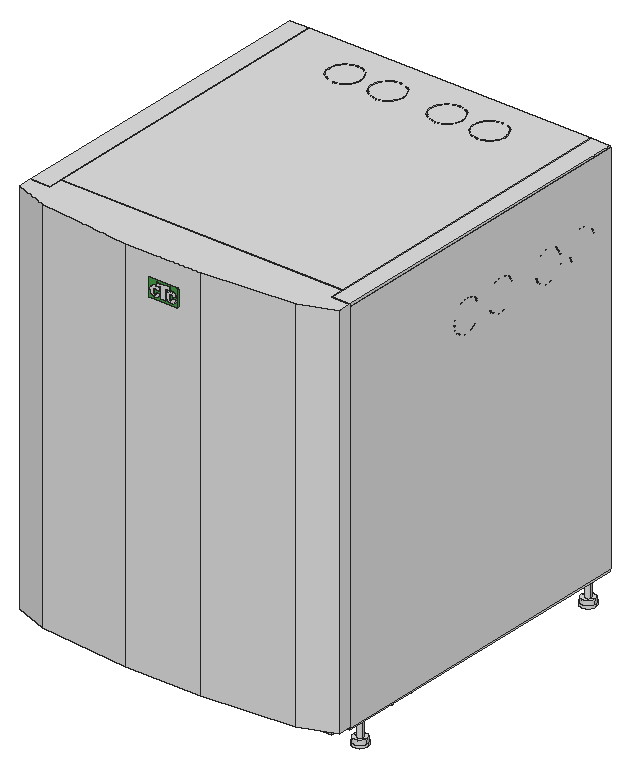
Revit family "HVAC_HeatPumpBW_Enertech_CTC-EcoPart-400", category Specialty Equipment, Revit 2020 (continued)
Automatic sketch dimensions
  curve 42 to curve 43 = 0 mm  (x2)
  curve 42 to curve 44 = 0 mm  (x2)
  curve 42 to curve 45 = 0 mm  (x2)
  curve 42 to curve 46 = 0 mm  (x2)
  curve 42 to curve 47 = 0 mm  (x2)
  curve 43 to curve 44 = 0 mm  (x2)
  curve 43 to curve 45 = 0 mm  (x2)
  curve 43 to curve 46 = 0 mm  (x2)
  curve 43 to curve 47 = 0 mm  (x2)
  curve 44 to curve 45 = 0 mm  (x2)
  curve 44 to curve 46 = 0 mm  (x2)
  curve 44 to curve 47 = 0 mm  (x2)
  curve 45 to curve 46 = 0 mm  (x2)
  curve 45 to curve 47 = 0 mm  (x2)
  curve 46 to curve 47 = 0 mm  (x2)
  curve 56 to curve 57 = 0 mm  (x2)
  curve 56 to curve 58 = 0 mm  (x2)
  curve 56 to curve 59 = 0 mm  (x2)
  curve 56 to curve 60 = 0 mm  (x2)
  curve 56 to curve 61 = 0 mm  (x2)
  curve 56 to curve 62 = 0 mm  (x2)
  curve 56 to curve 63 = 0 mm  (x2)
  curve 57 to curve 58 = 0 mm  (x2)
  curve 57 to curve 59 = 0 mm  (x2)
  curve 57 to curve 60 = 0 mm  (x2)
  curve 57 to curve 61 = 0 mm  (x2)
  curve 57 to curve 62 = 0 mm  (x2)
  curve 57 to curve 63 = 0 mm  (x2)
  curve 58 to curve 59 = 0 mm  (x2)
  curve 58 to curve 60 = 0 mm  (x2)
  curve 58 to curve 61 = 0 mm  (x2)
  curve 58 to curve 62 = 0 mm  (x2)
  curve 58 to curve 63 = 0 mm  (x2)
  curve 59 to curve 60 = 0 mm  (x2)
  curve 59 to curve 61 = 0 mm  (x2)
  curve 59 to curve 62 = 0 mm  (x2)
  curve 59 to curve 63 = 0 mm  (x2)
  curve 60 to curve 61 = 0 mm  (x2)
  curve 60 to curve 62 = 0 mm  (x2)
  curve 60 to curve 63 = 0 mm  (x2)
  curve 61 to curve 62 = 0 mm  (x2)
  curve 61 to curve 63 = 0 mm  (x2)
  curve 62 to curve 63 = 0 mm  (x2)
  curve 72 to curve 73 = 0 mm  (x2)
  curve 72 to curve 74 = 0 mm  (x2)
  curve 72 to curve 75 = 0 mm  (x2)
  curve 72 to curve 76 = 0 mm  (x2)
  curve 72 to curve 77 = 0 mm  (x2)
  curve 72 to curve 78 = 0 mm  (x2)
  curve 72 to curve 79 = 0 mm  (x2)
  curve 73 to curve 74 = 0 mm  (x2)
  curve 73 to curve 75 = 0 mm  (x2)
  curve 73 to curve 76 = 0 mm  (x2)
  curve 73 to curve 77 = 0 mm  (x2)
  curve 73 to curve 78 = 0 mm  (x2)
  curve 73 to curve 79 = 0 mm  (x2)
  curve 74 to curve 75 = 0 mm  (x2)
  curve 74 to curve 76 = 0 mm  (x2)
  curve 74 to curve 77 = 0 mm  (x2)
  curve 74 to curve 78 = 0 mm  (x2)
  curve 74 to curve 79 = 0 mm  (x2)
  curve 75 to curve 76 = 0 mm  (x2)
  curve 75 to curve 77 = 0 mm  (x2)
  curve 75 to curve 78 = 0 mm  (x2)
  curve 75 to curve 79 = 0 mm  (x2)
  curve 76 to curve 77 = 0 mm  (x2)
  curve 76 to curve 78 = 0 mm  (x2)
  curve 76 to curve 79 = 0 mm  (x2)
  curve 77 to curve 78 = 0 mm  (x2)
  curve 77 to curve 79 = 0 mm  (x2)
  curve 78 to curve 79 = 0 mm  (x2)
  curve 314 to plane 7 = 0 mm
  curve 2 to plane 5 = 0 mm
  curve 6 to plane 5 = 0 mm
  curve 15 to plane 8 = 0 mm
  plane 7 to curve 2 = 3.5 mm
  curve 1 to curve 2 = 28 mm
  curve 17 to curve 17 = 35 mm
  plane 6 to curve 12 = 14.527 mm
  curve 17 to curve 12 = 26.736 mm
  curve 18 to curve 34 = 99.541 mm
  curve 35 to curve 30 = 0 mm
  curve 24 to curve 35 = 2.001 mm
  curve 34 to curve 25 = 0 mm
  curve 31 to curve 33 = 27.466 mm
  curve 35 to curve 36 = 27.466 mm
  curve 25 to curve 30 = 1 mm
  curve 33 to curve 32 = 2 mm
  curve 24 to curve 37 = 2 mm
  curve 24 to curve 38 = 28.466 mm
  curve 39 to curve 38 = 0 mm
  curve 29 to curve 39 = 2.001 mm
  curve 38 to curve 39 = 0 mm
  curve 39 to curve 50 = 19.066 mm
  curve 51 to curve 50 = 0 mm  (x2)
  curve 46 to curve 50 = 2.001 mm
  plane 6 to curve 12 = 0.5 mm
  curve 12 to plane 3 "Center (Left/Right)" = 57.083 mm
  curve 51 to curve 52 = 27.466 mm
  curve 47 to curve 49 = 27.466 mm
  curve 47 to curve 45 = 28.466 mm
  curve 46 to curve 48 = 2 mm
  curve 41 to curve 53 = 2 mm
  curve 54 to plane 3 "Center (Left/Right)" = 26.526 mm
  curve 55 to curve 54 = 0 mm
  curve 55 to curve 55 = 2.001 mm
  curve 54 to curve 44 = 0 mm
  plane 3 "Center (Left/Right)" to curve 86 = 24.525 mm
  curve 87 to curve 75 = 0 mm
  curve 75 to curve 86 = 2.001 mm
  curve 87 to curve 74 = 0 mm
  curve 86 to curve 85 = 27.466 mm
  curve 77 to curve 80 = 27.466 mm
  curve 77 to curve 73 = 28.466 mm
  curve 77 to curve 81 = 2 mm
  curve 74 to curve 84 = 2 mm
  plane 3 "Center (Left/Right)" to curve 13 = 57.083 mm
  curve 72 to curve 83 = 28.466 mm
  curve 82 to curve 73 = 0 mm
  curve 79 to curve 82 = 2.001 mm
  curve 83 to curve 78 = 0 mm
  curve 78 to curve 71 = 19.066 mm
  curve 70 to curve 71 = 0 mm
  curve 59 to curve 70 = 2.001 mm
  curve 71 to curve 70 = 0 mm
  curve 61 to curve 64 = 27.466 mm
  curve 58 to curve 69 = 27.466 mm
  curve 61 to curve 59 = 28.466 mm
  curve 58 to curve 68 = 2 mm
  curve 61 to curve 65 = 2 mm
  curve 56 to curve 66 = 28.466 mm
  curve 67 to curve 63 = 0 mm
  curve 57 to curve 67 = 2.001 mm
  curve 66 to curve 56 = 0 mm
  plane 6 to curve 14 = 14.527 mm
  curve 14 to plane 8 = 61.736 mm
  curve 21 to plane 8 = 35 mm
  curve 21 to curve 6 = 3.5 mm
  curve 7 to curve 7 = 3.5 mm
  plane 6 to curve 314 = 0.5 mm
  curve 312 to curve 14 = 38.564 mm
  curve 313 to curve 10 = 38.564 mm
  curve 10 to curve 18 = 24.922 mm
  curve 14 to curve 22 = 24.922 mm
  curve 80 to plane 5 = 109.917 mm
  curve 48 to curve 80 = 0 mm
  curve 76 to curve 81 = 0 mm
  curve 32 to curve 48 = 0 mm
  curve 33 to curve 28 = 0 mm
  curve 78 to curve 65 = 0 mm
  curve 64 to curve 65 = 0 mm
  curve 49 to curve 48 = 0 mm
  curve 46 to curve 49 = 2.001 mm
  curve 60 to curve 64 = 2.001 mm
  curve 78 to curve 81 = 2.001 mm
  curve 30 to curve 33 = 2.001 mm
  curve 87 to curve 86 = 2 mm
  curve 45 to curve 54 = 2 mm
  curve 71 to curve 70 = 2 mm
  curve 50 to curve 51 = 2 mm
  curve 79 to curve 83 = 2 mm
  curve 63 to curve 67 = 2 mm
  curve 39 to curve 38 = 2 mm
  curve 30 to curve 35 = 2 mm
  curve 10 to plane 5 = 4 mm
  curve 21 to curve 23 = 26 mm
  curve 208 to curve 212 = 0 mm  (x2)
  curve 214 to curve 215 = 0 mm  (x2)
  curve 217 to curve 218 = 0 mm  (x2)
  curve 221 to curve 222 = 0 mm  (x2)
  curve 227 to curve 231 = 0 mm  (x2)
  curve 233 to curve 234 = 0 mm  (x2)
  curve 236 to curve 237 = 0 mm  (x2)
  curve 240 to curve 241 = 0 mm  (x2)
  curve 248 to curve 249 = 0 mm  (x2)
  curve 248 to curve 250 = 0 mm  (x2)
  curve 248 to curve 251 = 0 mm  (x2)
  curve 248 to curve 252 = 0 mm  (x2)
  curve 248 to curve 253 = 0 mm  (x2)
  curve 248 to curve 254 = 0 mm  (x2)
  curve 248 to curve 255 = 0 mm  (x2)
  curve 249 to curve 250 = 0 mm  (x2)
  curve 249 to curve 251 = 0 mm  (x2)
  curve 249 to curve 252 = 0 mm  (x2)
  curve 249 to curve 253 = 0 mm  (x2)
  curve 249 to curve 254 = 0 mm  (x2)
  curve 249 to curve 255 = 0 mm  (x2)
  curve 250 to curve 251 = 0 mm  (x2)
  curve 250 to curve 252 = 0 mm  (x2)
  curve 250 to curve 253 = 0 mm  (x2)
  curve 250 to curve 254 = 0 mm  (x2)
  curve 250 to curve 255 = 0 mm  (x2)
  curve 251 to curve 252 = 0 mm  (x2)
  curve 251 to curve 253 = 0 mm  (x2)
  curve 251 to curve 254 = 0 mm  (x2)
  curve 251 to curve 255 = 0 mm  (x2)
  curve 252 to curve 253 = 0 mm  (x2)
  curve 252 to curve 254 = 0 mm  (x2)
  curve 252 to curve 255 = 0 mm  (x2)
  curve 253 to curve 254 = 0 mm  (x2)
  curve 253 to curve 255 = 0 mm  (x2)
  curve 254 to curve 255 = 0 mm  (x2)
  curve 264 to curve 265 = 0 mm  (x2)
  curve 264 to curve 266 = 0 mm  (x2)
  curve 264 to curve 267 = 0 mm  (x2)
  curve 264 to curve 268 = 0 mm  (x2)
  curve 264 to curve 269 = 0 mm  (x2)
  curve 264 to curve 270 = 0 mm  (x2)
  curve 264 to curve 271 = 0 mm  (x2)
  curve 265 to curve 266 = 0 mm  (x2)
  curve 265 to curve 267 = 0 mm  (x2)
  curve 265 to curve 268 = 0 mm  (x2)
  curve 265 to curve 269 = 0 mm  (x2)
  curve 265 to curve 270 = 0 mm  (x2)
  curve 265 to curve 271 = 0 mm  (x2)
  curve 266 to curve 267 = 0 mm  (x2)
  curve 266 to curve 268 = 0 mm  (x2)
  curve 266 to curve 269 = 0 mm  (x2)
  curve 266 to curve 270 = 0 mm  (x2)
  curve 266 to curve 271 = 0 mm  (x2)
  curve 267 to curve 268 = 0 mm  (x2)
  curve 267 to curve 269 = 0 mm  (x2)
  curve 267 to curve 270 = 0 mm  (x2)
  curve 267 to curve 271 = 0 mm  (x2)
  curve 268 to curve 269 = 0 mm  (x2)
  curve 268 to curve 270 = 0 mm  (x2)
  curve 268 to curve 271 = 0 mm  (x2)
  curve 269 to curve 270 = 0 mm  (x2)
  curve 269 to curve 271 = 0 mm  (x2)
  curve 270 to curve 271 = 0 mm  (x2)
  curve 280 to curve 281 = 0 mm  (x2)
  curve 280 to curve 282 = 0 mm  (x2)
  curve 280 to curve 283 = 0 mm  (x2)
  curve 280 to curve 284 = 0 mm  (x2)
  curve 280 to curve 285 = 0 mm  (x2)
  curve 280 to curve 286 = 0 mm  (x2)
  curve 280 to curve 287 = 0 mm  (x2)
  curve 281 to curve 282 = 0 mm  (x2)
  curve 281 to curve 283 = 0 mm  (x2)
  curve 281 to curve 284 = 0 mm  (x2)
  curve 281 to curve 285 = 0 mm  (x2)
  curve 281 to curve 286 = 0 mm  (x2)
  curve 281 to curve 287 = 0 mm  (x2)
  curve 282 to curve 283 = 0 mm  (x2)
  curve 282 to curve 284 = 0 mm  (x2)
  curve 282 to curve 285 = 0 mm  (x2)
  curve 282 to curve 286 = 0 mm  (x2)
  curve 282 to curve 287 = 0 mm  (x2)
  curve 283 to curve 284 = 0 mm  (x2)
  curve 283 to curve 285 = 0 mm  (x2)
  curve 283 to curve 286 = 0 mm  (x2)
  curve 283 to curve 287 = 0 mm  (x2)
  curve 284 to curve 285 = 0 mm  (x2)
  curve 284 to curve 286 = 0 mm  (x2)
  curve 284 to curve 287 = 0 mm  (x2)
  curve 285 to curve 286 = 0 mm  (x2)
  curve 285 to curve 287 = 0 mm  (x2)
  curve 286 to curve 287 = 0 mm  (x2)
  curve 296 to curve 297 = 0 mm  (x2)
  curve 296 to curve 298 = 0 mm  (x2)
  curve 296 to curve 299 = 0 mm  (x2)
  curve 296 to curve 300 = 0 mm  (x2)
  curve 296 to curve 301 = 0 mm  (x2)
  curve 296 to curve 302 = 0 mm  (x2)
  curve 296 to curve 303 = 0 mm  (x2)
  curve 297 to curve 298 = 0 mm  (x2)
  curve 297 to curve 299 = 0 mm  (x2)
  curve 297 to curve 300 = 0 mm  (x2)
  curve 297 to curve 301 = 0 mm  (x2)
  curve 297 to curve 302 = 0 mm  (x2)
  curve 297 to curve 303 = 0 mm  (x2)
  curve 298 to curve 299 = 0 mm  (x2)
  curve 298 to curve 300 = 0 mm  (x2)
  curve 298 to curve 301 = 0 mm  (x2)
  curve 298 to curve 302 = 0 mm  (x2)
  curve 298 to curve 303 = 0 mm  (x2)
  curve 299 to curve 300 = 0 mm  (x2)
  curve 299 to curve 301 = 0 mm  (x2)
  curve 299 to curve 302 = 0 mm  (x2)
  curve 299 to curve 303 = 0 mm  (x2)
  curve 300 to curve 301 = 0 mm  (x2)
  curve 300 to curve 302 = 0 mm  (x2)
  curve 300 to curve 303 = 0 mm  (x2)
  curve 301 to curve 302 = 0 mm  (x2)
  curve 301 to curve 303 = 0 mm  (x2)
  curve 302 to curve 303 = 0 mm  (x2)
  curve 316 to plane 4 = 0 mm
  curve 316 to level = 0 mm
  curve 181 to level = 0 mm
  curve 168 to level = 0 mm
  curve 193 to plane 5 = 0 mm
  curve 195 to plane 5 = 4 mm
  level to curve 166 = 4 mm
  curve 166 to plane 5 = 21.73 mm
  curve 164 to curve 166 = 2 mm
  curve 164 to curve 164 = 7.375 mm
  curve 258 to plane 5 = 40.049 mm
  curve 259 to curve 254 = 0 mm
  curve 175 to curve 162 = 10 mm
  curve 258 to curve 254 = 2.001 mm
  curve 259 to curve 255 = 0 mm
  curve 170 to curve 172 = 7.375 mm
  curve 169 to curve 170 = 2 mm
  curve 262 to curve 249 = 27.466 mm
  curve 256 to curve 258 = 27.466 mm
  curve 249 to curve 256 = 1 mm
  curve 263 to curve 248 = 2 mm
  curve 257 to curve 254 = 2 mm
  curve 260 to curve 248 = 28.466 mm
  curve 261 to curve 250 = 0 mm
  curve 260 to curve 250 = 2.001 mm
  curve 261 to curve 251 = 0 mm
  curve 275 to curve 260 = 19.066 mm
  curve 274 to curve 264 = 0 mm
  curve 275 to curve 264 = 2.001 mm
  curve 274 to curve 265 = 0 mm
  level to curve 242 = 24.995 mm
  curve 242 to curve 169 = 81.281 mm
  level to curve 243 = 26.409 mm
  curve 243 to curve 242 = 1.414 mm
  level to curve 242 = 16.828 mm
  level to curve 243 = 18.242 mm
  curve 241 to curve 240 = 1.414 mm
  level to curve 239 = 18.242 mm
  level to curve 238 = 16.828 mm
  curve 278 to curve 265 = 27.466 mm
  curve 272 to curve 271 = 27.466 mm
  curve 268 to curve 272 = 1 mm
  curve 273 to curve 270 = 2 mm
  curve 279 to curve 265 = 2 mm
  level to curve 239 = 26.828 mm
  curve 239 to curve 240 = 8.587 mm
  level to curve 238 = 25.414 mm
  curve 238 to curve 239 = 1.414 mm
  curve 235 to curve 238 = 1.414 mm
  curve 234 to curve 236 = 18.343 mm
  level to curve 226 = 25.414 mm
  curve 226 to curve 234 = 1.414 mm
  level to curve 232 = 26.828 mm
  curve 276 to curve 264 = 28.466 mm
  curve 277 to curve 276 = 0 mm
  curve 277 to curve 268 = 2.001 mm
  curve 276 to curve 277 = 0 mm
  level to curve 226 = 16.828 mm
  curve 226 to curve 234 = 8.587 mm
  level to curve 232 = 18.242 mm
  curve 232 to curve 226 = 1.414 mm
  curve 227 to curve 232 = 1.414 mm
  level to curve 230 = 18.242 mm
  level to curve 228 = 16.828 mm
  level to curve 230 = 26.409 mm
  curve 230 to curve 230 = 8.167 mm
  curve 290 to curve 269 = 49.049 mm
  curve 291 to curve 286 = 0 mm
  curve 290 to curve 286 = 2.001 mm
  curve 291 to curve 287 = 0 mm
  curve 288 to curve 287 = 27.466 mm
  curve 294 to curve 281 = 27.466 mm
  curve 286 to curve 288 = 1 mm
  curve 289 to curve 286 = 2 mm
  curve 295 to curve 294 = 2 mm
  curve 293 to curve 280 = 28.466 mm
  curve 292 to curve 284 = 0 mm
  curve 293 to curve 284 = 2.001 mm
  curve 292 to curve 285 = 0 mm
  curve 306 to curve 293 = 19.066 mm
  curve 307 to curve 302 = 0 mm
  curve 306 to curve 302 = 2.001 mm
  curve 307 to curve 303 = 0 mm
  plane 1 "Center (Front/Back)" to curve 304 = 3 mm
  plane 1 "Center (Front/Back)" to curve 310 = 3 mm
  plane 1 "Center (Front/Back)" to curve 297 = 4 mm
  curve 305 to curve 304 = 2 mm
  curve 311 to curve 310 = 2 mm
  curve 309 to curve 296 = 28.466 mm
  curve 308 to curve 309 = 0 mm
  curve 309 to curve 309 = 2.001 mm
  curve 308 to curve 301 = 0 mm
  plane 1 "Center (Front/Back)" to curve 225 = 75.261 mm
  level to curve 224 = 26.409 mm
  curve 224 to curve 223 = 1.414 mm
  level to curve 223 = 16.828 mm
  curve 223 to curve 223 = 8.167 mm
  level to curve 224 = 18.242 mm
  curve 221 to curve 221 = 1.414 mm
  level to curve 220 = 18.242 mm
  level to curve 219 = 16.828 mm
  level to curve 220 = 26.828 mm
  curve 220 to curve 220 = 8.587 mm
  level to curve 219 = 25.414 mm
  curve 219 to curve 217 = 1.414 mm
  curve 216 to curve 219 = 1.414 mm
  curve 214 to curve 217 = 18.343 mm
  level to curve 207 = 25.414 mm
  curve 207 to curve 215 = 1.414 mm
  level to curve 213 = 26.828 mm
  level to curve 207 = 16.828 mm
  curve 207 to curve 215 = 8.587 mm
  level to curve 213 = 18.242 mm
  curve 213 to curve 208 = 1.414 mm
  curve 212 to curve 213 = 1.414 mm
  level to curve 211 = 18.242 mm
  level to curve 209 = 16.828 mm
  level to curve 211 = 26.409 mm
  curve 211 to curve 211 = 8.167 mm
  curve 179 to curve 209 = 72.511 mm
  curve 177 to curve 178 = 2 mm
  curve 176 to curve 176 = 7.375 mm
  curve 184 to curve 174 = 10 mm
  curve 184 to curve 184 = 7.375 mm
  curve 180 to curve 182 = 2 mm
  curve 188 to curve 204 = 39.375 mm
  plane 6 to curve 190 = 0.5 mm
  curve 180 to curve 182 = 4 mm
  curve 177 to curve 176 = 8 mm
  curve 165 to curve 162 = 8 mm
  curve 240 to curve 241 = 1.414 mm
  curve 232 to curve 227 = 1.414 mm
  curve 213 to curve 212 = 1.414 mm
  curve 220 to curve 221 = 1.414 mm
  curve 218 to curve 218 = 1.414 mm
  level to curve 186 = 28 mm
  curve 164 to curve 195 = 16 mm
  level to curve 189 = 52.5 mm
  curve 273 to plane 4 = 167.467 mm
  curve 305 to plane 4 = 167.467 mm
  curve 305 to curve 304 = 0 mm
  curve 273 to curve 256 = 0 mm
  curve 273 to curve 272 = 0 mm
  curve 257 to curve 254 = 0 mm
  curve 302 to curve 289 = 0 mm
  curve 289 to curve 288 = 0 mm
  curve 273 to curve 273 = 2.001 mm
  curve 288 to curve 288 = 2.001 mm
  curve 257 to curve 257 = 2.001 mm
  curve 304 to curve 304 = 2.001 mm
  curve 255 to curve 259 = 2 mm
  curve 302 to curve 307 = 2 mm
  curve 301 to curve 308 = 2 mm
  curve 277 to curve 276 = 2 mm
  curve 270 to curve 275 = 2 mm
  curve 253 to curve 260 = 2 mm
  curve 284 to curve 292 = 2 mm
  curve 287 to curve 291 = 2 mm
  curve 194 to curve 190 = 47 mm
  curve 193 to plane 4 = 19 mm
  curve 315 to plane 5 = 4 mm
  curve 246 to curve 187 = 24.922 mm
  curve 188 to curve 247 = 13.835 mm
  curve 162 to curve 199 = 19.518 mm
  curve 128 to plane 7 = 0 mm
  curve 95 to level = 0 mm
  curve 127 to plane 4 = 0 mm
  curve 115 to level = 0 mm
  curve 123 to plane 8 = 0 mm
  plane 7 to curve 95 = 6.125 mm
  plane 7 to curve 92 = 8.125 mm
  curve 89 to curve 91 = 15.5 mm
  curve 90 to curve 101 = 10 mm
  level to curve 99 = 4 mm
  curve 100 to curve 99 = 7.375 mm
  curve 98 to curve 98 = 2 mm
  curve 99 to curve 104 = 4.125 mm
  curve 103 to curve 104 = 7.5 mm
  curve 135 to plane 3 "Center (Left/Right)" = 27.5 mm
  curve 135 to curve 136 = 2 mm
  curve 134 to curve 134 = 2 mm
  curve 139 to plane 3 "Center (Left/Right)" = 11.835 mm
  curve 139 to curve 142 = 0.137 mm
  curve 138 to curve 140 = 0.268 mm
  curve 139 to plane 3 "Center (Left/Right)" = 5.46 mm
  curve 137 to curve 140 = 0.087 mm
  curve 147 to plane 3 "Center (Left/Right)" = 3.818 mm
  curve 148 to plane 3 "Center (Left/Right)" = 3.81 mm
  plane 3 "Center (Left/Right)" to curve 146 = 3.815 mm
  curve 145 to curve 144 = 7.883 mm
  curve 144 to curve 151 = 6.467 mm
  curve 150 to curve 152 = 0.268 mm
  curve 150 to curve 151 = 6.375 mm
  curve 149 to curve 152 = 0.087 mm
  curve 152 to curve 132 = 0.873 mm
  curve 143 to curve 129 = 13.802 mm
  curve 130 to curve 131 = 2 mm
  level to curve 106 = 15.656 mm
  curve 106 to plane 8 = 44.5 mm
  curve 107 to curve 109 = 7.5 mm
  curve 106 to curve 115 = 9.625 mm
  curve 114 to curve 158 = 2 mm
  curve 109 to curve 110 = 11.5 mm
  curve 110 to curve 156 = 10 mm
  level to curve 118 = 4 mm
  curve 118 to plane 8 = 8.125 mm
  curve 118 to curve 117 = 2 mm
  curve 93 to curve 154 = 8 mm
  curve 118 to curve 121 = 8 mm
  curve 105 to curve 159 = 12.344 mm
  curve 103 to curve 102 = 19.518 mm
  curve 108 to curve 121 = 19.518 mm
  curve 133 to plane 4 = 73.482 mm
  curve 134 to curve 147 = 1.88 mm
  curve 147 to curve 140 = 7.647 mm
  curve 132 to curve 152 = 9.527 mm
  curve 137 to curve 139 = 4.452 mm
  curve 149 to curve 151 = 4.452 mm
  curve 139 to curve 141 = 7.839 mm
  curve 141 to curve 147 = 0.008 mm
  curve 141 to curve 145 = 0.006 mm
  curve 145 to curve 144 = 0.006 mm
  curve 141 to curve 143 = 5.341 mm
  curve 142 to curve 136 = 1.841 mm
  curve 102 to curve 127 = 27.22 mm
  curve 126 to plane 3 "Center (Left/Right)" = 70 mm
  curve 138 to curve 140 = 3.241 mm
  curve 138 to curve 137 = 0.004 mm
  curve 150 to curve 152 = 3.241 mm
  curve 150 to curve 149 = 0.004 mm
  curve 130 to curve 125 = 42.5 mm
  curve 124 to plane 8 = 64.22 mm
  curve 161 to curve 107 = 3.005 mm
  curve 161 to curve 160 = 1.414 mm
  curve 102 to curve 127 = 5 mm
  curve 149 to curve 152 = 7.6 mm
  curve 137 to curve 140 = 7.6 mm
  curve 137 to curve 138 = 3.801 mm
  curve 149 to curve 150 = 3.801 mm
  plane 7 to Extrusion 1 sketch curve = 2 mm
  Extrusion 1 sketch curve to Extrusion 1 sketch curve = 35 mm
  plane 6 to Extrusion 1 sketch curve = 14.335 mm  (x2)
  Extrusion 1 sketch curve to Extrusion 1 sketch curve = 27.22 mm
  plane 6 to Extrusion 1 sketch curve = 1.5 mm
  Extrusion 1 sketch curve to plane 3 "Center (Left/Right)" = 70 mm
  plane 3 "Center (Left/Right)" to Extrusion 1 sketch curve = 70 mm
  Extrusion 1 sketch curve to plane 8 = 64.22 mm
  Extrusion 1 sketch curve to plane 8 = 37 mm
  Extrusion 1 sketch curve to plane 8 = 2 mm
  plane 6 to Extrusion 1 sketch curve = 39.064 mm  (x2)
  Extrusion 1 sketch curve to Extrusion 1 sketch curve = 24.922 mm  (x2)
  Extrusion 1 sketch curve to Extrusion 1 sketch curve = 26 mm
  plane 7 to Extrusion 2 sketch curve = 37 mm
  Extrusion 2 sketch curve to Extrusion 2 sketch curve = 2 mm  (x4)
  Extrusion 2 sketch curve to plane 5 = 6 mm
  Extrusion 2 sketch curve to plane 8 = 39 mm
  plane 6 to Extrusion 2 sketch curve = 91.986 mm
  plane 7 to Extrusion 3 sketch curve = 37 mm
  Extrusion 3 sketch curve to plane 8 = 37 mm
  plane 6 to Extrusion 3 sketch curve = 89.986 mm
  Extrusion 3 sketch curve to plane 5 = 4 mm
  Extrusion 4 sketch curve to plane 7 = 0 mm
  Extrusion 4 sketch curve to plane 8 = 0 mm
  plane 7 to Extrusion 4 sketch curve = 2 mm
  Extrusion 4 sketch curve to Extrusion 4 sketch curve = 31 mm
  Extrusion 4 sketch curve to Extrusion 4 sketch curve = 2 mm  (x6)
  Extrusion 4 sketch curve to Extrusion 4 sketch curve = 35 mm
  Extrusion 4 sketch curve to plane 8 = 2 mm
  plane 6 to Extrusion 4 sketch curve = 63.986 mm  (x2)
  Extrusion 4 sketch curve to plane 5 = 6 mm  (x2)
  plane 7 to Extrusion 5 sketch curve = 2 mm
  Extrusion 5 sketch curve to plane 5 = 4 mm  (x2)
  Extrusion 5 sketch curve to Extrusion 5 sketch curve = 35 mm
  Extrusion 5 sketch curve to plane 8 = 37 mm
  Extrusion 5 sketch curve to plane 8 = 2 mm
  plane 6 to Extrusion 5 sketch curve = 63.986 mm  (x2)
  plane 7 to Extrusion 6 sketch curve = 2 mm
  plane 7 to Extrusion 6 sketch curve = 37 mm
  Extrusion 6 sketch curve to plane 8 = 37 mm
  Extrusion 6 sketch curve to plane 8 = 2 mm
  level to Extrusion 6 sketch curve = 28 mm
  Extrusion 6 sketch curve to Extrusion 6 sketch curve = 19.518 mm  (x2)
  Extrusion 6 sketch curve to Extrusion 6 sketch curve = 5 mm
  Extrusion 7 sketch curve to Extrusion 7 sketch curve = 0 mm  (x246)
  plane 7 to Extrusion 7 sketch curve = 134.541 mm
  Extrusion 7 sketch curve to Extrusion 7 sketch curve = 2.001 mm  (x12)
  Extrusion 7 sketch curve to Extrusion 7 sketch curve = 27.466 mm  (x8)
  Extrusion 7 sketch curve to Extrusion 7 sketch curve = 28.466 mm  (x5)
  Extrusion 7 sketch curve to Extrusion 7 sketch curve = 2 mm  (x16)
  Extrusion 7 sketch curve to Extrusion 7 sketch curve = 19.066 mm  (x2)
  Extrusion 7 sketch curve to plane 3 "Center (Left/Right)" = 26.526 mm
  plane 3 "Center (Left/Right)" to Extrusion 7 sketch curve = 24.525 mm
  Extrusion 7 sketch curve to Extrusion 7 sketch curve = 1 mm  (x2)
  Extrusion 7 sketch curve to plane 5 = 109.917 mm  (x2)
  Extrusion 8 sketch curve to Extrusion 8 sketch curve = 0 mm  (x246)
  plane 1 "Center (Front/Back)" to Extrusion 8 sketch curve = 34.467 mm
  Extrusion 8 sketch curve to Extrusion 8 sketch curve = 2.001 mm  (x12)
  plane 1 "Center (Front/Back)" to Extrusion 8 sketch curve = 5 mm  (x2)
  plane 1 "Center (Front/Back)" to Extrusion 8 sketch curve = 4 mm
  Extrusion 8 sketch curve to Extrusion 8 sketch curve = 2 mm  (x16)
  Extrusion 8 sketch curve to plane 1 "Center (Front/Back)" = 24.466 mm
  Extrusion 8 sketch curve to Extrusion 8 sketch curve = 19.066 mm  (x2)
  Extrusion 8 sketch curve to Extrusion 8 sketch curve = 27.466 mm  (x6)
  Extrusion 8 sketch curve to Extrusion 8 sketch curve = 1 mm
  Extrusion 8 sketch curve to Extrusion 8 sketch curve = 28.466 mm  (x5)
  Extrusion 8 sketch curve to Extrusion 8 sketch curve = 49.049 mm
  Extrusion 8 sketch curve to plane 4 = 167.467 mm  (x2)
  Extrusion 9 sketch curve to Extrusion 9 sketch curve = 0 mm  (x246)
  plane 7 to Extrusion 9 sketch curve = 134.533 mm
  Extrusion 9 sketch curve to Extrusion 9 sketch curve = 2.001 mm  (x12)
  Extrusion 9 sketch curve to Extrusion 9 sketch curve = 27.466 mm  (x8)
  Extrusion 9 sketch curve to Extrusion 9 sketch curve = 1 mm  (x2)
  Extrusion 9 sketch curve to Extrusion 9 sketch curve = 2 mm  (x16)
  Extrusion 9 sketch curve to Extrusion 9 sketch curve = 28.466 mm  (x5)
  Extrusion 9 sketch curve to Extrusion 9 sketch curve = 19.066 mm  (x2)
  Extrusion 9 sketch curve to plane 3 "Center (Left/Right)" = 26.534 mm
  plane 3 "Center (Left/Right)" to Extrusion 9 sketch curve = 24.516 mm
  Extrusion 9 sketch curve to plane 4 = 167.767 mm  (x2)
  Extrusion 10 sketch curve to Extrusion 10 sketch curve = 0 mm  (x4)
  plane 7 to Extrusion 10 sketch curve = 17.5 mm
  Extrusion 10 sketch curve to plane 8 = 17.5 mm
  Extrusion 10 sketch curve to plane 4 = 33 mm  (x2)
  Extrusion 11 sketch curve to Extrusion 11 sketch curve = 0 mm  (x16)
  level to Extrusion 11 sketch curve = 24.995 mm  (x2)
  plane 1 "Center (Front/Back)" to Extrusion 11 sketch curve = 141.253 mm
  level to Extrusion 11 sketch curve = 26.409 mm  (x4)
  Extrusion 11 sketch curve to Extrusion 11 sketch curve = 1.414 mm  (x20)
  level to Extrusion 11 sketch curve = 16.828 mm  (x8)
  level to Extrusion 11 sketch curve = 18.242 mm  (x8)
  level to Extrusion 11 sketch curve = 26.828 mm  (x4)
  Extrusion 11 sketch curve to Extrusion 11 sketch curve = 8.587 mm  (x4)
  level to Extrusion 11 sketch curve = 25.414 mm  (x4)
  Extrusion 11 sketch curve to Extrusion 11 sketch curve = 18.343 mm  (x2)
  Extrusion 11 sketch curve to Extrusion 11 sketch curve = 8.167 mm  (x2)
  Extrusion 11 sketch curve to plane 1 "Center (Front/Back)" = 138.747 mm
  Revolve 12 sketch curve to level = 0 mm  (x2)
  plane 7 to Revolve 12 sketch curve = 18.5 mm
  Revolve 12 sketch curve to Revolve 12 sketch curve = 12.375 mm
  Revolve 12 sketch curve to Revolve 12 sketch curve = 2 mm
  Revolve 12 sketch curve to Revolve 12 sketch curve = 4 mm
  Revolve 12 sketch curve to Revolve 12 sketch curve = 8 mm
  Revolve 12 sketch curve to Revolve 12 sketch curve = 0 mm  (x2)
  Revolve 13 sketch curve to level = 0 mm  (x2)
  plane 8 to Revolve 13 sketch curve = 18.5 mm
  Revolve 13 sketch curve to Revolve 13 sketch curve = 12.375 mm
  Revolve 13 sketch curve to Revolve 13 sketch curve = 2 mm
  Revolve 13 sketch curve to Revolve 13 sketch curve = 4 mm
  Revolve 13 sketch curve to Revolve 13 sketch curve = 8 mm
  Revolve 13 sketch curve to Revolve 13 sketch curve = 0 mm  (x2)
  Revolve 14 sketch curve to level = 0 mm  (x2)
  plane 7 to Revolve 14 sketch curve = 18.5 mm
  Revolve 14 sketch curve to Revolve 14 sketch curve = 12.375 mm
  Revolve 14 sketch curve to Revolve 14 sketch curve = 2 mm
  Revolve 14 sketch curve to Revolve 14 sketch curve = 4 mm
  Revolve 14 sketch curve to Revolve 14 sketch curve = 8 mm
  Revolve 14 sketch curve to Revolve 14 sketch curve = 0 mm  (x2)
  Revolve 15 sketch curve to level = 0 mm  (x2)
  plane 8 to Revolve 15 sketch curve = 18.5 mm
  Revolve 15 sketch curve to Revolve 15 sketch curve = 12.375 mm
  Revolve 15 sketch curve to Revolve 15 sketch curve = 2 mm
  Revolve 15 sketch curve to Revolve 15 sketch curve = 4 mm
  Revolve 15 sketch curve to Revolve 15 sketch curve = 8 mm
  Revolve 15 sketch curve to Revolve 15 sketch curve = 0 mm  (x2)
  plane 7 to Extrusion 16 sketch curve = 18.5 mm  (x2)
  Extrusion 16 sketch curve to plane 8 = 18.5 mm  (x2)
  plane 6 to Extrusion 16 sketch curve = 108.361 mm  (x2)
  Extrusion 16 sketch curve to plane 5 = 32.605 mm  (x2)
  Extrusion 17 sketch curve to plane 3 "Center (Left/Right)" = 27.5 mm
  Extrusion 17 sketch curve to Extrusion 17 sketch curve = 2 mm  (x3)
  plane 3 "Center (Left/Right)" to Extrusion 17 sketch curve = 25.5 mm  (x2)
  Extrusion 17 sketch curve to plane 4 = 73.482 mm
  Extrusion 17 sketch curve to Extrusion 17 sketch curve = 29 mm
  Extrusion 18 sketch curve to plane 3 "Center (Left/Right)" = 11.835 mm
  Extrusion 18 sketch curve to Extrusion 18 sketch curve = 0.137 mm
  Extrusion 18 sketch curve to Extrusion 18 sketch curve = 0.268 mm  (x2)
  Extrusion 18 sketch curve to plane 3 "Center (Left/Right)" = 5.46 mm
  Extrusion 18 sketch curve to Extrusion 18 sketch curve = 0.087 mm  (x2)
  Extrusion 18 sketch curve to plane 3 "Center (Left/Right)" = 3.818 mm
  Extrusion 18 sketch curve to plane 3 "Center (Left/Right)" = 3.81 mm
  plane 3 "Center (Left/Right)" to Extrusion 18 sketch curve = 3.815 mm
  Extrusion 18 sketch curve to Extrusion 18 sketch curve = 7.883 mm
  Extrusion 18 sketch curve to Extrusion 18 sketch curve = 6.467 mm
  Extrusion 18 sketch curve to Extrusion 18 sketch curve = 6.375 mm
  Extrusion 18 sketch curve to plane 4 = 69.602 mm
  Extrusion 18 sketch curve to Extrusion 18 sketch curve = 7.647 mm  (x2)
  Extrusion 18 sketch curve to Extrusion 18 sketch curve = 4.452 mm  (x2)
  Extrusion 18 sketch curve to Extrusion 18 sketch curve = 7.839 mm
  Extrusion 18 sketch curve to Extrusion 18 sketch curve = 0.008 mm
  Extrusion 18 sketch curve to Extrusion 18 sketch curve = 0.006 mm  (x2)
  Extrusion 18 sketch curve to Extrusion 18 sketch curve = 5.32 mm
  Extrusion 18 sketch curve to Extrusion 18 sketch curve = 2.969 mm
  Extrusion 18 sketch curve to Extrusion 18 sketch curve = 0.004 mm  (x2)
  Extrusion 18 sketch curve to Extrusion 18 sketch curve = 3.241 mm
  Extrusion 18 sketch curve to Extrusion 18 sketch curve = 7.6 mm  (x2)
  Extrusion 18 sketch curve to Extrusion 18 sketch curve = 3.801 mm  (x2)
  Extrusion 19 sketch curve to plane 5 = 0 mm
  Extrusion 19 sketch curve to plane 7 = 0 mm
  Extrusion 19 sketch curve to plane 8 = 0 mm
  plane 6 to Extrusion 19 sketch curve = 0.5 mm
  Extrusion 20 sketch curve to plane 3 "Center (Left/Right)" = 134.992 mm
  Extrusion 20 sketch curve to plane 3 "Center (Left/Right)" = 54.992 mm
  plane 3 "Center (Left/Right)" to Extrusion 20 sketch curve = 54.992 mm
  Extrusion 20 sketch curve to Extrusion 20 sketch curve = 80 mm
  Extrusion 20 sketch curve to plane 5 = 79.45 mm  (x4)
  Extrusion 21 sketch curve to plane 3 "Center (Left/Right)" = 135 mm
  Extrusion 21 sketch curve to plane 3 "Center (Left/Right)" = 55 mm
  plane 3 "Center (Left/Right)" to Extrusion 21 sketch curve = 54.984 mm
  Extrusion 21 sketch curve to Extrusion 21 sketch curve = 80 mm
  Extrusion 21 sketch curve to plane 4 = 137.3 mm
  Extrusion 21 sketch curve to Extrusion 21 sketch curve = 0 mm  (x3)
  plane 1 "Center (Front/Back)" to Extrusion 22 sketch curve = 4 mm
  Extrusion 22 sketch curve to plane 1 "Center (Front/Back)" = 76 mm
  Extrusion 22 sketch curve to Extrusion 22 sketch curve = 109.984 mm
  Extrusion 22 sketch curve to plane 5 = 70.516 mm
  Extrusion 22 sketch curve to plane 4 = 137 mm
  Extrusion 22 sketch curve to Extrusion 22 sketch curve = 0 mm  (x3)
  plane 1 "Center (Front/Back)" to Extrusion 23 sketch curve = 4 mm
  Extrusion 23 sketch curve to plane 1 "Center (Front/Back)" = 76 mm
  Extrusion 23 sketch curve to Extrusion 23 sketch curve = 109.984 mm
  Extrusion 23 sketch curve to plane 5 = 70.516 mm
  Extrusion 23 sketch curve to plane 4 = 137 mm
  Extrusion 23 sketch curve to Extrusion 23 sketch curve = 0 mm  (x3)
  radius of Extrusion 10 sketch curve = 14 mm  (x2)
  radius of Extrusion 10 sketch curve = 12.4 mm  (x2)
  radius of Extrusion 16 sketch curve = 5 mm  (x4)
  radius of Extrusion 20 sketch curve = 28.484 mm  (x4)
  radius of Extrusion 21 sketch curve = 28.484 mm  (x4)
  radius of Extrusion 22 sketch curve = 28.484 mm  (x4)
  radius of Extrusion 23 sketch curve = 28.484 mm  (x4)
Connectors
  electrical at (-282.5, 336.5, 727), driven by "NumberOfPoles"
    settings: on Extrusion 10, index 1, voltage 0 V, apparent load 0 VA, apparent load phase1 0 VA, apparent load phase2 0 VA, apparent load phase3 0 VA, power factor 1, load classification "Other", number of poles 1, system type 31, power factor state 1, is connector primary yes, connector utility no, sub classification motor no, connector description ""
  piping at (-134.992, 257.05, 757), diameter 28
    settings: on Extrusion 20, index 2, connector inside diameter 609.6 mm, connector length 0 mm, flow factor 0, pipe flow 0.0 L/s, pressure drop 0.0 Pa, fitting loss kfactor 0, connector angle 0.00°, fixture units 0, engagement length 0 mm, angle of deflection 0.00°, flow configuration 0, flow direction 1, fitting loss method 0, system type 19, joint type 0, gender type 0, connector reference index -1, connector utility 0, adjustable connector no, is connector primary yes, connector description ""
  piping at (-54.992, 257.05, 757), diameter 28
    settings: on Extrusion 20, index 3, connector inside diameter 609.6 mm, connector length 0 mm, flow factor 0, pipe flow 0.0 L/s, pressure drop 0.0 Pa, fitting loss kfactor 0, connector angle 0.00°, fixture units 0, engagement length 0 mm, angle of deflection 0.00°, flow configuration 0, flow direction 2, fitting loss method 0, system type 19, joint type 0, gender type 0, connector reference index -1, connector utility 0, adjustable connector no, is connector primary no, connector description ""
  piping at (54.992, 257.05, 757), diameter 28
    settings: on Extrusion 20, index 4, connector inside diameter 609.6 mm, connector length 0 mm, flow factor 0, pipe flow 0.0 L/s, pressure drop 0.0 Pa, fitting loss kfactor 0, connector angle 0.00°, fixture units 0, engagement length 0 mm, angle of deflection 0.00°, flow configuration 0, flow direction 2, fitting loss method 0, system type 22, joint type 0, gender type 0, connector reference index -1, connector utility 0, adjustable connector no, is connector primary no, connector description ""
  piping at (134.992, 257.05, 757), diameter 28
    settings: on Extrusion 20, index 5, connector inside diameter 609.6 mm, connector length 0 mm, flow factor 0, pipe flow 0.0 L/s, pressure drop 0.0 Pa, fitting loss kfactor 0, connector angle 0.00°, fixture units 0, engagement length 0 mm, angle of deflection 0.00°, flow configuration 0, flow direction 1, fitting loss method 0, system type 22, joint type 0, gender type 0, connector reference index -1, connector utility 0, adjustable connector no, is connector primary no, connector description ""
  piping at (134.984, 330.5, 622.7), diameter 28
    settings: on Extrusion 21, index 6, connector inside diameter 609.6 mm, connector length 0 mm, flow factor 0, pipe flow 0.0 L/s, pressure drop 0.0 Pa, fitting loss kfactor 0, connector angle 0.00°, fixture units 0, engagement length 0 mm, angle of deflection 0.00°, flow configuration 0, flow direction 1, fitting loss method 0, system type 22, joint type 0, gender type 0, connector reference index -1, connector utility 0, adjustable connector no, is connector primary no, connector description ""
  piping at (54.984, 330.5, 622.7), diameter 28
    settings: on Extrusion 21, index 7, connector inside diameter 609.6 mm, connector length 0 mm, flow factor 0, pipe flow 0.0 L/s, pressure drop 0.0 Pa, fitting loss kfactor 0, connector angle 0.00°, fixture units 0, engagement length 0 mm, angle of deflection 0.00°, flow configuration 0, flow direction 2, fitting loss method 0, system type 22, joint type 0, gender type 0, connector reference index -1, connector utility 0, adjustable connector no, is connector primary no, connector description ""
  piping at (-55, 330.5, 622.7), diameter 28
    settings: on Extrusion 21, index 8, connector inside diameter 609.6 mm, connector length 0 mm, flow factor 0, pipe flow 0.0 L/s, pressure drop 0.0 Pa, fitting loss kfactor 0, connector angle 0.00°, fixture units 0, engagement length 0 mm, angle of deflection 0.00°, flow configuration 0, flow direction 2, fitting loss method 0, system type 19, joint type 0, gender type 0, connector reference index -1, connector utility 0, adjustable connector no, is connector primary no, connector description ""
  piping at (-135, 330.5, 622.7), diameter 28
    settings: on Extrusion 21, index 9, connector inside diameter 609.6 mm, connector length 0 mm, flow factor 0, pipe flow 0.0 L/s, pressure drop 0.0 Pa, fitting loss kfactor 0, connector angle 0.00°, fixture units 0, engagement length 0 mm, angle of deflection 0.00°, flow configuration 0, flow direction 1, fitting loss method 0, system type 19, joint type 0, gender type 0, connector reference index -1, connector utility 0, adjustable connector no, is connector primary no, connector description ""
  piping at (-298, 265.984, 623), diameter 28
    settings: on Extrusion 22, index 10, connector inside diameter 609.6 mm, connector length 0 mm, flow factor 0, pipe flow 0.0 L/s, pressure drop 0.0 Pa, fitting loss kfactor 0, connector angle 0.00°, fixture units 0, engagement length 0 mm, angle of deflection 0.00°, flow configuration 0, flow direction 1, fitting loss method 0, system type 19, joint type 0, gender type 0, connector reference index -1, connector utility 0, adjustable connector no, is connector primary no, connector description ""
  piping at (-298, 185.984, 623), diameter 28
    settings: on Extrusion 22, index 11, connector inside diameter 609.6 mm, connector length 0 mm, flow factor 0, pipe flow 0.0 L/s, pressure drop 0.0 Pa, fitting loss kfactor 0, connector angle 0.00°, fixture units 0, engagement length 0 mm, angle of deflection 0.00°, flow configuration 0, flow direction 2, fitting loss method 0, system type 19, joint type 0, gender type 0, connector reference index -1, connector utility 0, adjustable connector no, is connector primary no, connector description ""
  piping at (-298, 76, 623), diameter 28
    settings: on Extrusion 22, index 12, connector inside diameter 609.6 mm, connector length 0 mm, flow factor 0, pipe flow 0.0 L/s, pressure drop 0.0 Pa, fitting loss kfactor 0, connector angle 0.00°, fixture units 0, engagement length 0 mm, angle of deflection 0.00°, flow configuration 0, flow direction 2, fitting loss method 0, system type 22, joint type 0, gender type 0, connector reference index -1, connector utility 0, adjustable connector no, is connector primary no, connector description ""
  piping at (-298, -4, 623), diameter 28
    settings: on Extrusion 22, index 13, connector inside diameter 609.6 mm, connector length 0 mm, flow factor 0, pipe flow 0.0 L/s, pressure drop 0.0 Pa, fitting loss kfactor 0, connector angle 0.00°, fixture units 0, engagement length 0 mm, angle of deflection 0.00°, flow configuration 0, flow direction 1, fitting loss method 0, system type 22, joint type 0, gender type 0, connector reference index -1, connector utility 0, adjustable connector no, is connector primary no, connector description ""
  piping at (298, -4, 623), diameter 28
    settings: on Extrusion 23, index 14, connector inside diameter 609.6 mm, connector length 0 mm, flow factor 0, pipe flow 0.0 L/s, pressure drop 0.0 Pa, fitting loss kfactor 0, connector angle 0.00°, fixture units 0, engagement length 0 mm, angle of deflection 0.00°, flow configuration 0, flow direction 1, fitting loss method 0, system type 22, joint type 0, gender type 0, connector reference index -1, connector utility 0, adjustable connector no, is connector primary no, connector description ""
  piping at (298, 76, 623), diameter 28
    settings: on Extrusion 23, index 15, connector inside diameter 609.6 mm, connector length 0 mm, flow factor 0, pipe flow 0.0 L/s, pressure drop 0.0 Pa, fitting loss kfactor 0, connector angle 0.00°, fixture units 0, engagement length 0 mm, angle of deflection 0.00°, flow configuration 0, flow direction 2, fitting loss method 0, system type 22, joint type 0, gender type 0, connector reference index -1, connector utility 0, adjustable connector no, is connector primary no, connector description ""
  piping at (298, 185.984, 623), diameter 28
    settings: on Extrusion 23, index 16, connector inside diameter 609.6 mm, connector length 0 mm, flow factor 0, pipe flow 0.0 L/s, pressure drop 0.0 Pa, fitting loss kfactor 0, connector angle 0.00°, fixture units 0, engagement length 0 mm, angle of deflection 0.00°, flow configuration 0, flow direction 2, fitting loss method 0, system type 19, joint type 0, gender type 0, connector reference index -1, connector utility 0, adjustable connector no, is connector primary no, connector description ""
  piping at (298, 265.984, 623), diameter 28
    settings: on Extrusion 23, index 17, connector inside diameter 609.6 mm, connector length 0 mm, flow factor 0, pipe flow 0.0 L/s, pressure drop 0.0 Pa, fitting loss kfactor 0, connector angle 0.00°, fixture units 0, engagement length 0 mm, angle of deflection 0.00°, flow configuration 0, flow direction 1, fitting loss method 0, system type 19, joint type 0, gender type 0, connector reference index -1, connector utility 0, adjustable connector no, is connector primary no, connector description ""
Types (11, lengths in mm): name | Weight | WaterVolumeHeathingSystem | SpecifiedOutput_max: W35 & B 5 | SpecifiedOutput_max: W35 & B 10 | SpecifiedOutput_max: W35 & B 0 | SoundPowerLWA | Sound pressureLPA 1m | SCOPWarm W55 | SCOPWarm W35 | SCOPModerate W55 | SCOPModerate W35 | SCOPCold W55 | SCOPCold W35 | RefrigerantQuantity | RatedVoltage | RatedHeatOutputWarm Pdesigh W55 | RatedHeatOutputWarm Pdesigh W35 | RatedHeatOutputModerate Pdesigh W55 | RatedHeatOutputModerate Pdesigh W35 | RatedHeatOutputCold Pdesigh W55 | RatedHeatOutputCold Pdesigh W35 | RatedCurrent | NumberOfPoles | NominalVoltage | ModelNumber | MaxStartingCurrent | Model | KvsValueProduct | InPutPower_max: W35 & B 5 | InPutPower_max: W35 & B 10 | InPutPower_max: W35 & B 0 | GroupFuse | EnergyClassHeatingWithoutControl W35 | EANNumber | COP_max: W35 & B 5 | COP_max: W35 & B 10 | COP_max: W35 & B 0 | CO2Equivalent
  CTC EcoPart 406 - 400V3N | "148" | "2.3 " | 6810 W | 7210 W | 5900 W | "43" | "38" | " 3.4" | "4.6 " | "3.5" | "4.7 " | "3.5" | "4.8 " | "1.9 " | 1200 V | 6000 W | 6000 W | 6000 W | 7000 W | 6000 W | 6000 W | 5.8 A | 3 | 400 V | "585700001" | "16.6 " | "CTC EcoPart 406" | "3.4" | 1300 W | 1390 W | 1290 W | "10" | "A+++" | "7333077000448" | 5.24 W | 5.2 W | 4.57 W | "3.370 "
  CTC EcoPart 408 - 400V3N | "145" | "2.9 " | 9440 W | 10650 W | 8190 W | "46" | "41" | " 3.6" | "4.6 " | "3.6" | "4.7 " | "3.7" | "4.8 " | "1.9 " | 1200 V | 8000 W | 9000 W | 9000 W | 9000 W | 9000 W | 9000 W | 6.5 A | 3 | 400 V | "585700002" | "17.7 " | "CTC EcoPart 408" | "4.1" | 1880 W | 1930 W | 1790 W | "10" | "A+++" | "7333077000455" | 5.02 W | 5.53 W | 4.58 W | "3.370 "
  CTC EcoPart 410 - 400V3N | "151" | "2.9 " | 11420 W | 12490 W | 9970 W | "49" | "44" | " 3.6" | "4.7 " | "3.7" | "4.7 " | "3.7" | "4.8 " | "1.9 " | 1200 V | 10000 W | 11000 W | 11000 W | 11000 W | 10000 W | 11000 W | 8.1 A | 3 | 400 V | "585700003" | "19.8 " | "CTC EcoPart 410" | "5" | 2200 W | 2290 W | 2170 W | "10" | "A+++" | "7333077000462" | 5.2 W | 5.45 W | 4.6 W | "3.370 "
  CTC EcoPart 412 - 400V3N | "165" | "3.4 " | 13530 W | 15450 W | 11750 W | "50" | "45" | " 3.6" | "4.7 " | "3.7" | "4.8 " | "3.7" | "4.8 " | "2.3 " | 1200 V | 12000 W | 13000 W | 12000 W | 13000 W | 12000 W | 12000 W | 9.6 A | 3 | 400 V | "585700004" | "23.5 " | "CTC EcoPart 412" | "5.5" | 2650 W | 2780 W | 2550 W | "10" | "A+++" | "7333077000479" | 5.11 W | 5.57 W | 4.6 W | "4.080 "
  CTC EcoPart 414 - 400V3N | "171" | "4.1 " | 16480 W | 18930 W | 14470 W | "53" | "48" | " 3.6" | "4.5 " | "3.6" | "4.6 " | "3.7" | "4.6 " | "2.7 " | 1200 V | 15000 W | 16000 W | 16000 W | 16000 W | 15000 W | 16000 W | 12.2 A | 3 | 400 V | "585700035" | "29.1 " | "CTC EcoPart 414" | "5.9" | 3210 W | 3470 W | 3190 W | "13" | "A++" | "7333077000554" | 5.13 W | 5.46 W | 4.54 W | "4.789 "
  CTC EcoPart 417 - 400V3N | "172" | "4.1 " | 19250 W | 21300 W | 16240 W | "56" | "51" | " 3.6" | "4.7 " | "3.6" | "4.7 " | "3.7" | "4.8 " | "2.7 " | 1200 V | 17000 W | 18000 W | 18000 W | 19000 W | 17000 W | 18000 W | 13.9 A | 3 | 400 V | "585700036" | "32.0 " | "CTC EcoPart 417" | "5.9" | 3830 W | 3990 W | 3720 W | "16" | "A+++" | "7333077000561" | 5.02 W | 5.34 W | 4.36 W | "4.789 "
  CTC EcoPart 406 - 230V1N | "150" | "2.3 " | 6810 W | 7210 W | 5900 W | "43" | "38" | " 3.4" | "4.6 " | "3.5" | "4.7 " | "3.5" | "4.8 " | "1.9 " | 230 V | 6000 W | 6000 W | 6000 W | 7000 W | 6000 W | 6000 W | 14 A | 1 | 230 V | "585700011" | "30" | "CTC EcoPart 406" | "3.4" | 1300 W | 1390 W | 1290 W | "16" | "A+++" | "7333077000509" | 5.24 W | 5.2 W | 4.57 W | "3.370 "
  CTC EcoPart 408 - 230V1N | "146" | "2.9 " | 9440 W | 10650 W | 8190 W | "46" | "41" | " 3.6" | "4.6 " | "3.6" | "4.7 " | "3.7" | "4.8 " | "1.9 " | 230 V | 8000 W | 9000 W | 9000 W | 9000 W | 9000 W | 9000 W | 19.5 A | 1 | 230 V | "585700012" | "30" | "CTC EcoPart 408" | "4.1" | 1880 W | 1930 W | 1790 W | "20" | "A+++" | "7333077000516" | 5.02 W | 5.53 W | 4.58 W | "3.370 "
  CTC EcoPart 410 - 230V1N | "152" | "2.9 " | 11420 W | 12490 W | 9970 W | "49" | "44" | " 3.6" | "4.7 " | "3.7" | "4.7 " | "3.7" | "4.8 " | "1.9 " | 230 V | 10000 W | 11000 W | 11000 W | 11000 W | 10000 W | 11000 W | 21.6 A | 1 | 230 V | "585700013" | "30" | "CTC EcoPart 410" | "5" | 2200 W | 2290 W | 2170 W | "25" | "A+++" | "7333077000523" | 5.2 W | 5.45 W | 4.6 W | "3.370 "
  CTC EcoPart 412 - 230V1N | "166" | "3.4 " | 13530 W | 15450 W | 11750 W | "50" | "45" | " 3.6" | "4.7 " | "3.7" | "4.8 " | "3.7" | "4.8 " | "2.3 " | 230 V | 12000 W | 13000 W | 12000 W | 13000 W | 12000 W | 12000 W | 27.1 A | 1 | 230 V | "585700014" | "30" | "CTC EcoPart 412" | "5.5" | 2650 W | 2780 W | 2550 W | "32" | "A+++" | "7333077000530" | 5.11 W | 5.57 W | 4.6 W | "4.080 "
  CTC EcoPart 414 - 230V1N | "167" | "4.1 " | 16480 W | 18930 W | 14470 W | "53" | "48" | " 3.6" | "4.5 " | "3.6" | "4.6 " | "3.7" | "4.6 " | "2.7 " | 230 V | 15000 W | 16000 W | 16000 W | 16000 W | 15000 W | 16000 W | 33.2 A | 1 | 230 V | "585700015" | "30" | "CTC EcoPart 414" | "5.9" | 3210 W | 3470 W | 3190 W | "35" | "A++" | "7333077000547" | 5.13 W | 5.46 W | 4.54 W | "4.789 "
